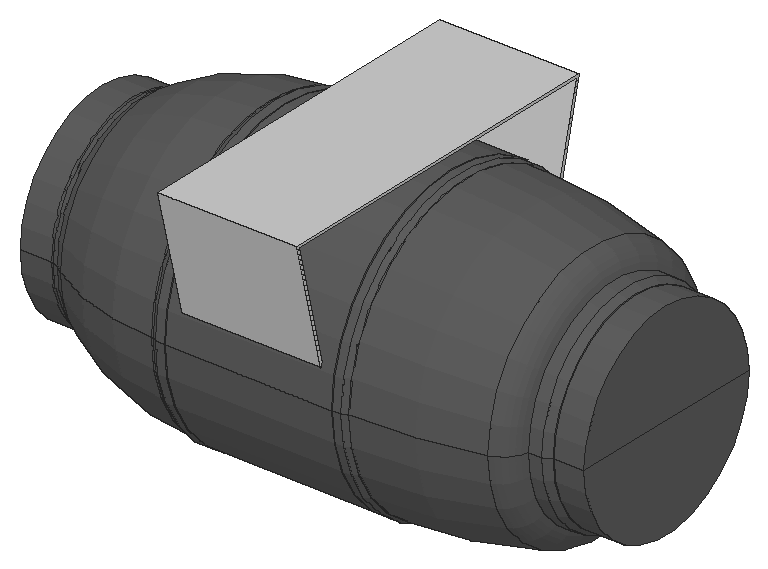
Revit family "VENTS-TT_SILENT_M_200_250_315", category Mechanical Equipment, Revit 2019
Family settings
  Round Connector Dimension = Use Diameter
  Classification = None
  Part Type = Breaks Into
  OmniClass Number = 23.75.35.17.11
  OmniClass Title = Fans for Air Ductwork
  Work Plane-Based = No
  Always vertical = No
  Cut with Voids When Loaded = No
  Shared = No
  Room Calculation Point = No
Parameters (values of type "TT Silent-M 200 (max)")
  Weight = 8.00 kg
  Voltage = 230 V
  URL = "https://ventilation-system.com/product/tt-silentm-200"
  Type Comments = "Inline mixed-flow fan TT Silent-M 200"
  Transported Air Temperature (°C) = "-25...+60"
  RPM (min-1) = 2445
  R1 = D1 / 2  # 146.5 mm
  Protection rating = "IPX4"
  Power Factor = 1
  Number of Poles = 1
  Noise Level at 3 m (dBa) = 36
  Mounting Hanger [instance] = yes
  Maintenance Zone Length Calc = if(Maintenance Zone Length < L, L, Maintenance Zone Length)  # 600 mm
  L27 = 9 mm
  L26 = 6 mm
  L25 = L21 - L22 - L23 - L24 - L26 - L27  # 122 mm
  L24 = 21 mm
  L21 = 179 mm
  L17 = 9 mm
  L16 = 6 mm
  L15 = L11 - L12 - L13 - L14 - L16 - L17  # 116 mm
  L14 = 10 mm
  L11 = 148 mm
  HangerW = 135 mm
  HangerL1 = 275 mm
  HangerL = 344 mm
  HangerH = HangerBaseH  # 149 mm
  HangerExtraL = no
  HangerBaseH = 149 mm
  Model = "TT Silent-M 200"
  Manufacturer = "Vents"
  Maintenance Zone Width = 600 mm
  Maintenance Zone Material = Maintenance Zone
  Maintenance Zone Length = 600 mm
  Maintenance Zone Height = 600 mm
  Maintenance Zone [instance] = no
  Load Classification = HVAC
  L23 = 13 mm
  L22 = 8 mm
  L2 = 30 mm
  L13 = 4 mm
  L12 = 3 mm
  L1 = 30 mm
  L = 550 mm
  Hanger Material = Metal Zinc
  Flow direction symbol [instance] = yes
  Flow Factor [instance] = 1  # constant formula
  Family Version = "1.0"  # constant formula
  ElBoxW = 104 mm
  ElBoxR = 15 mm  # constant formula
  ElBoxL = 104 mm
  ElBoxH = 53 mm
  Distribution Box Material = Distribution Box Dark Grey
  Description = "Inline mixed-flow fan in sound- and heat-insulated casing for round ducts"
  Dd26 = 44 mm
  Dd24 = 27 mm
  Dd22 = 4 mm
  Dd23 = 5 mm
  Dd16 = 44 mm
  Dd14 = 9 mm
  Dd13 = 2 mm
  Dd12 = 1 mm
  D1 = 293 mm
  D = 200 mm
  Copyright = "©Vents"
  Duct Connection Size = 200 mm
  Fan Material = Metal Black
  Maximum Air Flow = 1020 m³/h
  Air Flow [instance] = 0 m³/h
  Power = 110 W
  Current = 0.49 A
  Apparent Power = Power / Power Factor  # 110 VA
Types (6, lengths in mm): name | Weight | URL | Type Comments | RPM (min-1) | R1 | Noise Level at 3 m (dBa) | Maintenance Zone Length Calc | L27 | L25 | L24 | L21 | L17 | L15 | L11 | HangerW | HangerL1 | HangerL | HangerH | HangerBaseH | Model | L2 | L13 | L12 | L1 | L | Dd26 | Dd24 | Dd22 | Dd23 | Dd16 | Dd14 | D1 | D | Duct Connection Size | Maximum Air Flow | Power | Current | Apparent Power
  TT Silent-M 200 (min) | 8.00 kg | "https://ventilation-system.com/product/tt-silentm-200" | "Inline mixed-flow fan TT Silent-M 200" | 2015 | 146.5 | 31 | 600 | 9 | 122 | 21 | 179 | 9 | 116 | 148 | 135 | 275 | 344 | 149 | 149 | "TT Silent-M 200" | 30 | 4 | 3 | 30 | 550 | 44 | 27 | 4 | 5 | 44 | 9 | 293 | 200 | 200 | 810 m³/h | 78 W | 0.35 A | 78 VA
  TT Silent-M 200 (max) | 8.00 kg | "https://ventilation-system.com/product/tt-silentm-200" | "Inline mixed-flow fan TT Silent-M 200" | 2445 | 146.5 | 36 | 600 | 9 | 122 | 21 | 179 | 9 | 116 | 148 | 135 | 275 | 344 | 149 | 149 | "TT Silent-M 200" | 30 | 4 | 3 | 30 | 550 | 44 | 27 | 4 | 5 | 44 | 9 | 293 | 200 | 200 | 1020 m³/h | 110 W | 0.49 A | 110 VA
  TT Silent-M 250 (min) | 15.00 kg | "https://ventilation-system.com/product/tt-silentm-250" | "Inline mixed-flow fan TT Silent-M 250" | 1955 | 179 | 34 | 658 | 9 | 159 | 23 | 218 | 9 | 144 | 176 | 150 | 332 | 402 | 182 | 182 | "TT Silent-M 250" | 32 | 4 | 3 | 32 | 658 | 52 | 30 | 5 | 6 | 52 | 6 | 358 | 250 | 250 | 1110 m³/h | 125 W | 0.54 A | 125 VA
  TT Silent-M 250 (max) | 15.00 kg | "https://ventilation-system.com/product/tt-silentm-250" | "Inline mixed-flow fan TT Silent-M 250" | 2440 | 179 | 38 | 658 | 9 | 159 | 23 | 218 | 9 | 144 | 176 | 150 | 332 | 402 | 182 | 182 | "TT Silent-M 250" | 32 | 4 | 3 | 32 | 658 | 52 | 30 | 5 | 6 | 52 | 6 | 358 | 250 | 250 | 1400 m³/h | 177 W | 0.79 A | 177 VA
  TT Silent-M 315 (min) | 25.00 kg | "https://ventilation-system.com/product/tt-silentm-315" | "Inline mixed-flow fan TT Silent-M 315" | 1890 | 216 | 36 | 780 | 10 | 154 | 27 | 218 | 10 | 153 | 195 | 200 | 396 | 478 | 219 | 219 | "TT Silent-M 315" | 32 | 8 | 8 | 32 | 780 | 52 | 30 | 5 | 6 | 55 | 6 | 432 | 315 | 315 | 1570 m³/h | 230 W | 1 A | 230 VA
  TT Silent-M 315 (max) | 25.00 kg | "https://ventilation-system.com/product/tt-silentm-315" | "Inline mixed-flow fan TT Silent-M 315" | 2430 | 216 | 40 | 780 | 10 | 154 | 27 | 218 | 10 | 153 | 195 | 200 | 396 | 478 | 219 | 219 | "TT Silent-M 315" | 32 | 8 | 8 | 32 | 780 | 52 | 30 | 5 | 6 | 55 | 6 | 432 | 315 | 315 | 2050 m³/h | 320 W | 1.42 A | 320 VA
Reference planes
  plane 1 "Center (Front/Back)": y = 0
  plane 2: z = 0
  plane 3 "Center (Left/Right)": x = 0
  plane 4: y = 100
  plane 5: y = -100
  plane 6: y = 146.5
  plane 7: y = -146.5
  plane 8: x = 550
  plane 9 "C": x = 341
  plane 10: x = 178
  plane 11 "CenterL": x = 275
  plane 12: x = 30
  plane 13: x = 169
  plane 14: y = 101
  plane 15 "CenterOfCentralPart": x = 259.5
  plane 16 "ElBoxHeight": z = -53
  plane 17 "HangerHeight": z = 149
  plane 18: y = 102
  plane 19: y = 109
  plane 20: x = 47
  plane 21: x = 37
  plane 22: x = 33
  plane 23: x = 163
  plane 24: y = 144
  plane 25: x = 164
  plane 26: x = 350
  plane 27: y = 104
  plane 28: y = 105
  plane 29: y = 127
  plane 30: x = 478
  plane 31: x = 499
  plane 32: x = 512
  plane 33: x = 356
  plane 34: y = 144
  plane 35: x = 355
  plane 36: x = 520
Forms (mm)
  Revolve 1, solid, material "Metal Black" <- "Fan Material", detail levels medium+fine
    sketch origin (368, 0, 0) x (1, 0, 0) y (0, 1, 0)
      loop
        line (-338, 0) -> (-190, 0) -> (-190, 146.5) -> (-199, 146.5) -> (-204, 144) -> (-205, 144)
        arc (-205, 144) -> (-265.583, 135.059) -> (-321, 109) r 209.729
        arc (-321, 109) -> (-326.027, 105.538) -> (-331, 102) r 402.771
        line (-331, 102) -> (-335, 101) -> (-338, 100) -> (-338, 0)
      axis (-190, 0) -> (-338, 0)
    angle from 0 to 360
  Revolve 2, solid, material "Metal Black" <- "Fan Material", detail levels medium+fine
    sketch origin (368, 0, 0) x (1, 0, 0) y (0, 1, 0)
      loop
        line (152, 100) -> (152, 0) -> (182, 0) -> (182, 100) -> (152, 100)
      axis (182, 0) -> (152, 0)
    angle from 0 to 360
  Revolve 3, solid, material "Metal Black" <- "Fan Material", detail levels medium+fine
    sketch origin (368, 0, 0) x (1, 0, 0) y (0, 1, 0)
      loop
        line (-368, 100) -> (-368, 0) -> (-338, 0) -> (-338, 100) -> (-368, 100)
      axis (-338, 0) -> (-368, 0)
    angle from 0 to 360
  Revolve 4, solid, material "Metal Black" <- "Fan Material", detail levels medium+fine
    sketch origin (0, 0, 0) x (1, 0, 0) y (0, 1, 0)
      loop
        line (178, 146.5) -> (178, 0) -> (341, 0) -> (341, 146.5) -> (178, 146.5)
      axis (178, 0) -> (341, 0)
    angle from 0 to 360
  Revolve 5, solid, material "Metal Black" <- "Fan Material", detail levels medium+fine
    sketch origin (117, 0, 0) x (-1, 0, 0) y (0, 1, 0)
      loop
        line (-403, 0) -> (-224, 0) -> (-224, 146.5) -> (-233, 146.5) -> (-238, 144) -> (-239, 144)
        arc (-239, 144) -> (-300.589, 139.73) -> (-361, 127) r 446.265
        arc (-361, 127) -> (-374.496, 118.859) -> (-382, 105) r 29.992
        line (-382, 105) -> (-395, 104) -> (-403, 100) -> (-403, 0)
      axis (-224, 0) -> (-403, 0)
    angle from 0 to 360
Cuts and joins
  joined: Revolve 1, Revolve 3
Dimensions and locks
  equal spacing: plane 4, plane 1 "Center (Front/Back)", plane 5
  "D": plane 4 to plane 5
  equal spacing: plane 7, plane 1 "Center (Front/Back)", plane 6
  "D1": plane 6 to plane 7
  "L": plane 3 "Center (Left/Right)" to plane 8
  equal spacing: plane 3 "Center (Left/Right)", plane 11 "CenterL", plane 8
  "L1": plane 3 "Center (Left/Right)" to plane 12
  "Dd12": plane 14 to plane 4
  equal spacing: plane 10, plane 15 "CenterOfCentralPart", plane 9 "C"
  "ElBoxH": level to plane 16 "ElBoxHeight"
  "HangerBaseH": plane 17 "HangerHeight" to level
  "Dd13": plane 18 to plane 4
  "Dd14": plane 19 to plane 4
  "L11": plane 12 to plane 10
  "L12": plane 12 to plane 22
  "L13": plane 22 to plane 21
  "L14": plane 21 to plane 20
  "L17": plane 13 to plane 10
  "L16": plane 23 to plane 13
  "Dd16": plane 24 to plane 4
  locked: plane 23 to plane 25 at 1
  "L23": plane 32 to plane 31
  "L24": plane 31 to plane 30
  "L26": plane 33 to plane 26
  locked: plane 33 to plane 35 at 1
  "L2": plane 36 to plane 8
  "L21": plane 9 "C" to plane 36
  "L22": plane 32 to plane 36
  "L27": plane 9 "C" to plane 26
  "Dd22": plane 27 to plane 4
  "Dd23": plane 28 to plane 4
  "Dd24": plane 29 to plane 4
  "Dd26": plane 34 to plane 4
  locked: plane 15 "CenterOfCentralPart" to nested 6 at 0
  locked: nested 6 to nested 5 at 2
  aligned and locked: level to plane 2
  aligned and locked: Revolve 2 sketch curve to plane 4
  aligned and locked: Revolve 2 sketch curve to plane 8
  aligned and locked: Revolve 2 sketch curve to plane 1 "Center (Front/Back)"
  aligned and locked: Revolve 3 sketch curve to plane 4
  aligned and locked: Revolve 3 sketch curve to plane 1 "Center (Front/Back)"
  aligned and locked: plane 3 "Center (Left/Right)" to Revolve 3 sketch curve
  aligned and locked: plane 1 "Center (Front/Back)" to nested 1
  aligned and locked: nested 2 to level
  aligned and locked: plane 1 "Center (Front/Back)" to nested 3
  aligned and locked: nested 3 to plane 3 "Center (Left/Right)"
  aligned and locked: plane 1 "Center (Front/Back)" to nested 4
  aligned and locked: Revolve 4 sketch curve to plane 6
  aligned and locked: Revolve 4 sketch curve to nested 4
  aligned and locked: Revolve 4 sketch curve to Revolve 4 sketch curve  (x2)
  aligned and locked: plane 11 "CenterL" to nested 4
  aligned and locked: Revolve 4 sketch curve to plane 9 "C"
  aligned and locked: plane 15 "CenterOfCentralPart" to nested 1
  aligned and locked: plane 15 "CenterOfCentralPart" to nested 2
  aligned and locked: nested 5 to plane 1 "Center (Front/Back)"
  aligned and locked: plane 15 "CenterOfCentralPart" to nested 5
  aligned and locked: Revolve 1 sketch curve to plane 1 "Center (Front/Back)"
  aligned and locked: plane 4 to Revolve 1 sketch curve
  aligned and locked: plane 1 "Center (Front/Back)" to Revolve 1 sketch curve
  aligned and locked: Revolve 1 sketch curve to plane 6
  aligned and locked: plane 25 to Revolve 1 sketch curve
  aligned and locked: plane 24 to Revolve 1 sketch curve
  aligned and locked: Revolve 5 sketch curve to plane 35
  aligned and locked: Revolve 5 sketch curve to plane 34
  aligned and locked: Revolve 2 to plane 36
Automatic sketch dimensions
  plane 1 "Center (Front/Back)" to Revolve 2 sketch curve = 0 mm
  Revolve 2 sketch curve to plane 8 = 30 mm
  Revolve 2 sketch curve to plane 3 "Center (Left/Right)" = 1632 mm
  Revolve 2 sketch curve to Revolve 2 sketch curve = 2138 mm
  plane 1 "Center (Front/Back)" to Revolve 3 sketch curve = 0 mm
  Revolve 3 sketch curve to plane 12 = 0 mm
  Revolve 3 sketch curve to plane 3 "Center (Left/Right)" = 1646 mm
  plane 8 to Revolve 3 sketch curve = 2149 mm
  Revolve 4 sketch curve to plane 10 = 0 mm
  Revolve 4 sketch curve to plane 11 "CenterL" = 0 mm
  Revolve 1 sketch curve to plane 12 = 0 mm
  Revolve 1 sketch curve to plane 14 = 0 mm
  Revolve 1 sketch curve to plane 22 = 0 mm
  Revolve 1 sketch curve to plane 18 = 0 mm
  Revolve 1 sketch curve to plane 21 = 0 mm
  Revolve 1 sketch curve to plane 19 = 0 mm
  Revolve 1 sketch curve to plane 20 = 0 mm
  Revolve 1 sketch curve to plane 23 = 0 mm
  Revolve 1 sketch curve to plane 13 = 0 mm
  Revolve 1 sketch curve to plane 10 = 0 mm
  Revolve 1 sketch curve to plane 11 "CenterL" = 2.053 mm
  Revolve 1 sketch curve to plane 3 "Center (Left/Right)" = 2000 mm
  plane 8 to Revolve 1 sketch curve = 1495 mm
  plane 1 "Center (Front/Back)" to Revolve 5 sketch curve = 0 mm  (x2)
  Revolve 5 sketch curve to plane 36 = 0 mm
  Revolve 5 sketch curve to plane 27 = 0 mm
  Revolve 5 sketch curve to plane 32 = 0 mm
  Revolve 5 sketch curve to plane 28 = 0 mm
  Revolve 5 sketch curve to plane 31 = 0 mm
  Revolve 5 sketch curve to plane 29 = 0 mm  (x2)
  Revolve 5 sketch curve to plane 30 = 0 mm
  Revolve 5 sketch curve to plane 33 = 0 mm
  Revolve 5 sketch curve to plane 6 = 0 mm
  Revolve 5 sketch curve to plane 26 = 0 mm
  Revolve 5 sketch curve to plane 9 "C" = 0 mm
  Revolve 5 sketch curve to plane 4 = 0 mm
  Revolve 5 sketch curve to plane 8 = 1980 mm
  plane 3 "Center (Left/Right)" to Revolve 5 sketch curve = 1515 mm
Nested families
  nested 1: "GraphicalSymbol_Fun_FlowDirection" at (259.5, 0, 0), visible <- "Flow direction symbol", type "GraphicalSymbol_Fun_FlowDirection", detail levels medium+fine
    with Length 50 mm, Height 50 mm, B 25 mm, A 16.667 mm
  nested 2: "GraphicalSymbol_Fun_FlowDirection" at (259.5, 0, 0) x (1, 0, 0) z (0, -1, 0), type "GraphicalSymbol_Fun_FlowDirection"
    with Length 50 mm, Height 50 mm, B 25 mm, A 16.667 mm
  nested 3: "GraphicalSymbol_Fan_1" at (275, 0, 0), type "GraphicalSymbol_Fan_1", detail levels coarse
    with Diameter 550 mm, A 137.5 mm
  nested 4: "MaintenanceZone_Rect" at (275, 0, 0), visible <- "Maintenance Zone", type "MaintenanceZone_Rect", detail levels medium+fine
    with Maintenance Zone Width 600 mm, Maintenance Zone Length 600 mm, Maintenance Zone Height 600 mm
  nested 5: "MountingHanger" at (259.5, 0, 149) x (0, 1, 0) z (0, 0, -1), visible <- "Mounting Hanger", type "MountingHanger", detail levels medium+fine
    with Width1 108 mm, Width 135 mm, Length2 384 mm, Length 344 mm, Lenght1Calc 275 mm, Length1 275 mm, Height 149 mm
  nested 6: "DistributionBox" at (259.5, -158.992, 96.59) x (1, 0, 0) z (0, -0.9706, -0.2409), type "DistributionBox", not visible, detail levels medium+fine
    with Hcon 26.5 mm, H1 53 mm, ConD 20 mm, ConB 26 mm, ConA 26 mm, B 104 mm, A 104 mm
Connectors
  hvac at (0, 0, 0), driven by "Duct Connection Size", driven by "Air Flow"
    settings: on cut or joined group of Revolve 1, Revolve 3, index 4, duct flow 0 m³/h, flow factor 0, pres drop 0.0 Pa, loss coef 0, conn angle 0.00°, conn width 304.8 mm, conn height 304.8 mm, conn diameter 200 mm, duct sys type 29, conn prof type 0, flow config 0, flow direction 0, loss method 0, conn ref index 5, conn util no, is conn primary yes, conn desc ""
  hvac at (550, 0, 0), driven by "Duct Connection Size"
    settings: on Revolve 2, index 5, duct flow 0 m³/h, flow factor 0, pres drop 0.0 Pa, loss coef 0, conn angle 0.00°, conn width 304.8 mm, conn height 304.8 mm, conn diameter 200 mm, duct sys type 28, conn prof type 0, flow config 0, flow direction 0, loss method 0, conn ref index 4, conn util no, is conn primary no, conn desc ""
  electrical at (259.5, -197.238, 140.675), driven by "Number of Poles", driven by "Load Classification", driven by "Voltage", driven by "Apparent Power", driven by "Power Factor"
    settings: on nested 6, index 7, voltage 230 V, apparent load 110 VA, apparent load phase1 0 VA, apparent load phase2 0 VA, apparent load phase3 0 VA, power factor 1, load classification "HVAC", number of poles 1, system type 30, power factor state 1, is connector primary yes, connector utility no, sub classification motor no, connector description ""
Definition of nested family "MaintenanceZone_Rect"
  Parameters (values of type "MaintenanceZone_Rect")
    Maintenance Zone Width = 500 mm
    Material = none
    Maintenance Zone Length = 1000 mm
    Maintenance Zone Height = 300 mm
    Family Version = ""
    Default Elevation = 1219.2 mm
    Copyright = ""
  Reference planes
    plane 1 "Center (Front/Back)": y = 0
    plane 2: z = 0
    plane 3 "Center (Left/Right)": x = 0
    plane 4: x = -500
    plane 5: x = 500
    plane 6: y = 250
    plane 7: y = -250
    plane 8: z = -300
  Forms (mm)
    Extrusion 1, solid, material <- "Material", detail levels medium+fine
      sketch origin (0, 0, 0) x (1, 0, 0) y (0, 1, 0)
        loop
          line (-500, 250) -> (-500, -250) -> (500, -250) -> (500, 250) -> (-500, 250)
      from 0 to -300
  Lines and regions (mm)
    symbolic lines, detail levels medium+fine
      curve 1: line (-500, 0, 0) -> (500, 0, 0)
      curve 2: line (-500, 0, -300) -> (-500, 0, 0)
      curve 3: line (500, 0, -300) -> (-500, 0, -300)
      curve 4: line (500, 0, 0) -> (500, 0, -300)
      curve 5: line (0, 250, 0) -> (0, -250, 0)
      curve 6: line (0, 250, -300) -> (0, 250, 0)
      curve 7: line (0, -250, -300) -> (0, 250, -300)
      curve 8: line (0, -250, 0) -> (0, -250, -300)
      curve 9: line (-500, 250, 0) -> (500, 250, 0)
      curve 10: line (-500, -250, 0) -> (-500, 250, 0)
      curve 11: line (500, -250, 0) -> (-500, -250, 0)
      curve 12: line (500, 250, 0) -> (500, -250, 0)
  Dimensions and locks
    equal spacing: plane 6, plane 1 "Center (Front/Back)", plane 7
    equal spacing: plane 4, plane 3 "Center (Left/Right)", plane 5
    "Maintenance Zone Width": plane 6 to plane 7
    "Maintenance Zone Length": plane 4 to plane 5
    "Maintenance Zone Height": plane 2 to plane 8
    aligned and locked: level to plane 2
    aligned and locked: Extrusion 1 sketch curve to plane 6
    aligned and locked: plane 4 to Extrusion 1 sketch curve
    aligned and locked: plane 7 to Extrusion 1 sketch curve
    aligned and locked: Extrusion 1 sketch curve to plane 5
    aligned and locked: Extrusion 1 to plane 8
    aligned and locked: curve 1 to Extrusion 1
    aligned and locked: curve 2 to Extrusion 1
    aligned and locked: curve 3 to Extrusion 1
    aligned and locked: curve 4 to Extrusion 1
    aligned and locked: curve 5 to Extrusion 1
    aligned and locked: curve 6 to Extrusion 1
    aligned and locked: curve 7 to Extrusion 1
    aligned and locked: curve 8 to Extrusion 1
    aligned and locked: curve 9 to Extrusion 1
    aligned and locked: curve 10 to Extrusion 1
    aligned and locked: curve 11 to Extrusion 1
    aligned and locked: curve 12 to Extrusion 1
Definition of nested family "MountingHanger"
  Parameters (values of type "MountingHanger")
    Width1 = Width * 0.8  # 160 mm
    Width = 200 mm
    Thikness = 2 mm
    Material = none
    Length2 = Length + 20 mm * 2  # 518 mm
    Length = 478 mm
    Lenght1Calc = if(Length1 = Length, Length - 0.5 mm, Length1)  # 396 mm
    Length1 = 396 mm
    Height1 = 10 mm
    Height = 219 mm
    ExtraLength = no
    Default Elevation = 1219.2 mm
  Reference planes
    plane 1 "Center (Front/Back)": y = 0
    plane 2: z = 0
    plane 3 "Center (Left/Right)": x = 0
    plane 4: x = -239
    plane 5: x = 239
    plane 6: y = 100
    plane 7: y = -100
    plane 8: z = 219
    plane 9: x = -198
    plane 10: x = 198
    plane 11: z = 209
    plane 12: y = 80
    plane 13: y = -80
    plane 14: x = -259
    plane 15: x = 259
    plane 16: x = -239
    plane 17: x = 239
  Forms (mm)
    Extrusion 1, solid, material <- "Material"
      sketch origin (0, 0, 0) x (1, 0, 0) y (0, 0, 1)
        loop
          line (-198, 209) -> (-239, 0) -> (239, 0) -> (198, 209) -> (198, 219) -> (196, 219) -> (196, 208.806) -> (236.57, 2) -> (-236.57, 2) -> (-196, 208.806) -> (-196, 219) -> (-198, 219) -> (-198, 209)
      from -100 to 100
    Extrusion 2, solid, material <- "Material", visible <- "ExtraLength"
      sketch origin (0, 0, 0) x (1, 0, 0) y (0, 1, 0)
        loop
          line (-259, 80) -> (-259, -80) -> (-239, -80) -> (-239, 80) -> (-259, 80)
        loop
          line (239, 80) -> (239, -80) -> (259, -80) -> (259, 80) -> (239, 80)
      from 0 to 2
  Dimensions and locks
    equal spacing: plane 4, plane 3 "Center (Left/Right)", plane 5
    "Length": plane 4 to plane 5
    plane 8 to level = 219 mm
    equal spacing: plane 6, plane 1 "Center (Front/Back)", plane 7
    "Width": plane 6 to plane 7
    "Height": plane 8 to level
    "Thikness": Extrusion 1 sketch curve to level
    "Thikness": Extrusion 1 sketch curve to Extrusion 1 sketch curve  (x2)
    "Thikness": Extrusion 1 sketch curve to plane 9
    "Thikness": plane 10 to Extrusion 1 sketch curve
    equal spacing: plane 9, plane 3 "Center (Left/Right)", plane 10
    "Lenght1Calc": plane 9 to plane 10
    "Height1": plane 8 to plane 11
    equal spacing: plane 12, plane 1 "Center (Front/Back)", plane 13
    "Width1": plane 12 to plane 13
    equal spacing: plane 14, plane 3 "Center (Left/Right)", plane 15
    "Length2": plane 14 to plane 15
    "Thikness": Extrusion 2 to level
    equal spacing: plane 16, plane 3 "Center (Left/Right)", plane 17
    "Length": plane 16 to plane 17
    aligned and locked: level to plane 2
    aligned and locked: plane 6 to Extrusion 1
    aligned and locked: Extrusion 1 to plane 7
    aligned and locked: plane 9 to Extrusion 1 sketch curve
    aligned and locked: plane 10 to Extrusion 1 sketch curve
    aligned and locked: Extrusion 2 sketch curve to plane 12  (x2)
    aligned and locked: plane 14 to Extrusion 2 sketch curve
    aligned and locked: plane 13 to Extrusion 2 sketch curve  (x2)
    aligned and locked: Extrusion 2 sketch curve to plane 16
    aligned and locked: plane 17 to Extrusion 2 sketch curve
    aligned and locked: Extrusion 2 sketch curve to plane 15
  Automatic sketch dimensions
    Extrusion 1 sketch curve to level = 0 mm
    Extrusion 1 sketch curve to plane 4 = 0 mm
    Extrusion 1 sketch curve to plane 5 = 0 mm
    Extrusion 1 sketch curve to plane 11 = 0 mm  (x2)
    Extrusion 1 sketch curve to plane 8 = 0 mm  (x2)
Definition of nested family "DistributionBox"
  Parameters (values of type "DistributionBox")
    Hcover = 10 mm
    Hcon = H1 / 2  # 12.5 mm
    H1 = 25 mm
    Distribution Box Material = none
    Default Elevation = 1219.2 mm
    ConD = 12 mm
    ConB = B / 4  # 12.5 mm
    ConA = A / 4  # 12.5 mm
    B = A  # 50 mm
    A = 50 mm
  Reference planes
    plane 1 "Center (Front/Back)": y = 0
    plane 2: z = 0
    plane 3 "Center (Left/Right)": x = 0
    plane 4: x = -25
    plane 5: x = 25
    plane 6 "Back": y = 25
    plane 7 "Front": y = -25
    plane 8: z = 25
    plane 9: z = 35
    plane 10: x = -12.5
    plane 11: x = 12.5
    plane 12: y = 12.5
    plane 13: y = -12.5
    plane 14: z = 12.5
  Forms (mm)
    Extrusion 1, solid, material <- "Distribution Box Material"
      sketch origin (0, 0, 0) x (1, 0, 0) y (0, 1, 0)
        loop
          arc (-22, 25) -> (-24.121, 24.121) -> (-25, 22) r 3
          line (-25, 22) -> (-25, -22)
          arc (-25, -22) -> (-24.121, -24.121) -> (-22, -25) r 3
          line (-22, -25) -> (22, -25)
          arc (22, -25) -> (24.121, -24.121) -> (25, -22) r 3
          line (25, -22) -> (25, 22)
          arc (25, 22) -> (24.121, 24.121) -> (22, 25) r 3
          line (22, 25) -> (-22, 25)
      from 0 to 25
    Extrusion 2, solid, material <- "Distribution Box Material"
      sketch origin (0, 0, 0) x (1, 0, 0) y (0, 1, 0)
        loop
          arc (-22, 25) -> (-24.121, 24.121) -> (-25, 22) r 3
          line (-25, 22) -> (-25, -22)
          arc (-25, -22) -> (-24.121, -24.121) -> (-22, -25) r 3
          line (-22, -25) -> (22, -25)
          arc (22, -25) -> (24.121, -24.121) -> (25, -22) r 3
          line (25, -22) -> (25, 22)
          arc (25, 22) -> (24.121, 24.121) -> (22, 25) r 3
          line (22, 25) -> (-22, 25)
      from 25 to 35
    Extrusion 3, void
      sketch origin (-568.953, -25, 1200) x (1, 0, 0) y (0, 0, 1)
        loop
          circle (556.453, -1187.5) r 6
        loop
          circle (581.453, -1187.5) r 6
      from -2.025 to 0
    Extrusion 4, void
      sketch origin (0, 25, 0) x (-1, 0, 0) y (0, 0, 1)
        loop
          circle (-12.5, 12.5) r 6
        loop
          circle (12.5, 12.5) r 6
      from 0 to -2
  Cuts and joins
    Extrusion 3, Extrusion 4 cuts Extrusion 1
    Extrusion 3 cuts Extrusion 2
  Dimensions and locks
    equal spacing: plane 6 "Back", plane 1 "Center (Front/Back)", plane 7 "Front"
    equal spacing: plane 4, plane 3 "Center (Left/Right)", plane 5
    "A": plane 6 "Back" to plane 7 "Front"
    "B": plane 4 to plane 5
    "H1": level to plane 8
    "Hcover": plane 8 to plane 9
    "ConA": plane 1 "Center (Front/Back)" to plane 12
    "ConA": plane 13 to plane 1 "Center (Front/Back)"
    "ConB": plane 10 to plane 3 "Center (Left/Right)"
    "ConB": plane 3 "Center (Left/Right)" to plane 11
    "Hcon": plane 14 to level
    "ConD": diameter of Extrusion 3 sketch curve  (x2)
    "ConD": diameter of Extrusion 4 sketch curve  (x2)
    aligned and locked: level to plane 2
    aligned and locked: Extrusion 1 sketch curve to plane 6 "Back"
    aligned and locked: plane 4 to Extrusion 1 sketch curve
    aligned and locked: plane 7 "Front" to Extrusion 1 sketch curve
    aligned and locked: Extrusion 1 sketch curve to plane 5
    aligned and locked: plane 8 to Extrusion 1
    aligned and locked: plane 4 to Extrusion 2 sketch curve
    aligned and locked: Extrusion 2 sketch curve to plane 5
    aligned and locked: Extrusion 2 sketch curve to plane 6 "Back"
    aligned and locked: plane 7 "Front" to Extrusion 2 sketch curve
    aligned and locked: Extrusion 2 to plane 8
    aligned and locked: plane 9 to Extrusion 2
  Automatic sketch dimensions
    Extrusion 1 sketch curve to Extrusion 1 sketch curve = 3 mm  (x2)
    Extrusion 1 sketch curve to plane 5 = 3 mm  (x2)
    plane 4 to Extrusion 2 sketch curve = 3 mm
    Extrusion 2 sketch curve to Extrusion 2 sketch curve = 3 mm
    Extrusion 2 sketch curve to plane 5 = 3 mm  (x2)
    Extrusion 3 sketch curve to plane 10 = 0 mm
    Extrusion 3 sketch curve to plane 11 = 0 mm
    Extrusion 3 sketch curve to plane 14 = 0 mm  (x2)
    Extrusion 4 sketch curve to plane 11 = 0 mm
    Extrusion 4 sketch curve to plane 10 = 0 mm
    Extrusion 4 sketch curve to plane 14 = 0 mm  (x2)
Definition of nested family "GraphicalSymbol_Fun_FlowDirection"
  Parameters (values of type "GraphicalSymbol_Fun_FlowDirection")
    Length = 100 mm
    Height = Length  # 100 mm
    B = Length / 2  # 50 mm
    A = Length / 3  # 33.333 mm
  Reference planes
    plane 1 "Center (Front/Back)": y = 0
    plane 2: z = 0
    plane 3 "Center (Left/Right)": x = 0
    plane 4: x = -33.333
    plane 5: x = 50
    plane 6: y = 50
    plane 7: y = -50
  Lines and regions (mm)
    detail lines, in view "Ref. Level"
      curve 1: line (-33.333, 50, 0) -> (-33.333, -50, 0)
      curve 2: line (50, 0, 0) -> (-33.333, -50, 0)
      curve 3: line (50, 0, 0) -> (-33.333, 50, 0)
  Dimensions and locks
    "A": plane 4 to plane 3 "Center (Left/Right)"
    "B": plane 3 "Center (Left/Right)" to plane 5
    equal spacing: plane 6, plane 1 "Center (Front/Back)", plane 7
    "Height": plane 6 to plane 7
    aligned and locked: curve 1 to plane 4
  Automatic sketch dimensions
    plane 1 "Center (Front/Back)" to curve 3 = 0 mm
    curve 3 to plane 5 = 0 mm
    curve 2 to plane 7 = 0 mm
    curve 3 to plane 6 = 0 mm
Definition of nested family "GraphicalSymbol_Fan_1"
  Parameters (values of type "GraphicalSymbol_Fan_1")
    Diameter = 100 mm
    Default Elevation = 1219.2 mm
    A = Diameter / 4  # 25 mm
  Reference planes
    plane 1 "Center (Front/Back)": y = 0
    plane 2: z = 0
    plane 3 "Center (Left/Right)": x = 0
    plane 4: x = -25
  Lines and regions (mm)
    model lines
      curve 1: circle (0, 0, 0) r 50 normal (0, 0, 1)
      curve 4: line (-25, 43.301, 0) -> (-25, -43.301, 0)
      curve 5: line (-25, 43.301, 0) -> (50, 0, 0)
      curve 6: line (-25, -43.301, 0) -> (50, 0, 0)
    reference lines
      curve 2: line (50, 141.389, 0) -> (50, -158.611, 0)
      curve 3: line (-50, 141.389, 0) -> (-50, -158.611, 0)
  Dimensions and locks
    equal spacing: curve 3, plane 3 "Center (Left/Right)", curve 2
    "Diameter": curve 3 to curve 2
    "A": plane 4 to plane 3 "Center (Left/Right)"
    "Diameter": diameter of curve 1
    aligned and locked: level to plane 2
  Automatic sketch dimensions
    curve 4 to plane 4 = 0 mm
    plane 1 "Center (Front/Back)" to curve 1 = 0 mm
    curve 1 to plane 3 "Center (Left/Right)" = 0 mm
    plane 1 "Center (Front/Back)" to curve 6 = 0 mm
    plane 1 "Center (Front/Back)" to curve 2 = 158.611 mm
    curve 3 to curve 2 = 0 mm  (x2)
    curve 3 to plane 1 "Center (Front/Back)" = 141.389 mm
